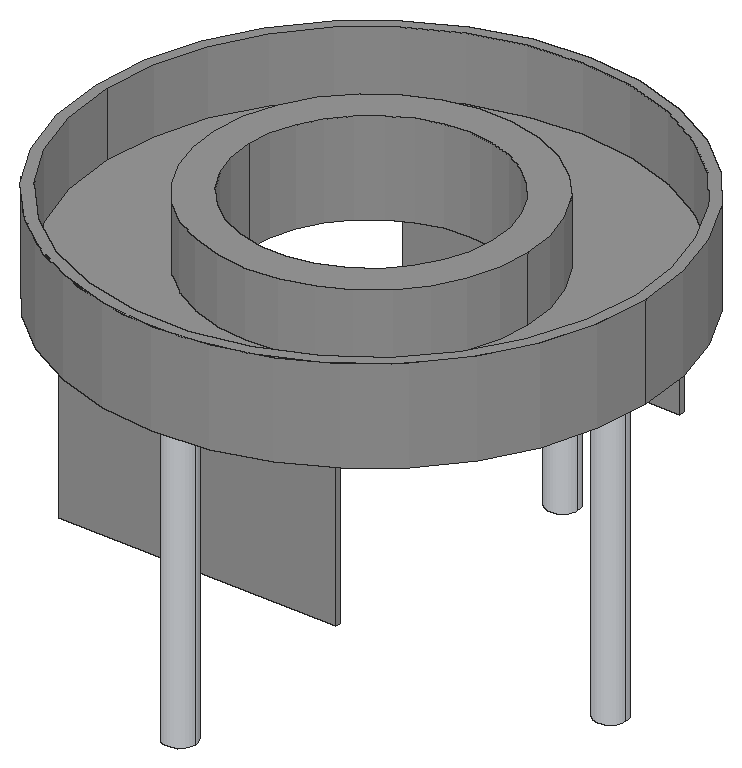
Revit family "Nivellierbare Kassette für Tubus, RKFR, 20-25, 4", category Generic Models, Revit 2015
Parameters (values of type "RKFR2 4 V25")
  URL = "http://www.obo-bettermann.com"
  Material = Stainless Steel
  Manufacturer Art.No. = "7409424"
  Manufacturer = "OBO Bettermann"
  HeightCalc = if(Height < 110 mm, 110 mm, (if(Height > 155 mm, 155 mm, Height)))  # 150 mm
  Height 1 = 36.5 mm
  Height = 150 mm
  GTIN = "4012195869467"
  Diameter 1 = 206 mm
  Diameter = 214 mm
  Cut depth = 25 mm
  Article Type = "RKFR2 4 V25"
Types (3, lengths in mm): name | Material | Manufacturer Art.No. | GTIN | Cut depth | Article Type
  (no name) | Stainless Steel | "7409424" | "4012195869467" | 25 | "RKFR2 4 V25"
  RKFR2 4 V20 | Stainless Steel, Polished | "7409422" | "4012195869450" | 20 | "RKFR2 4 V20"
  RKFR2 4 V25 | Stainless Steel | "7409424" | "4012195869467" | 25 | "RKFR2 4 V25"
Reference planes
  plane 1 "Center (Front/Back)": y = 0
  plane 2: z = 0
  plane 3 "Center (Left/Right)": x = 0
  plane 4: z = 113.5
  plane 5: y = 99.5
  plane 6: y = -99.5
  plane 7: z = 150
  plane 8: z = 54.7
  plane 9: z = 125
Forms (mm)
  Extrusion 1, solid
    sketch origin (0, 0, 0) x (1, 0, 0) y (0, 1, 0)
      loop
        circle (0, 93.25) r 6
      loop
        circle (0, -93.25) r 6
      loop
        circle (-93.25, 0) r 6
      loop
        circle (93.25, 0) r 6
    from 0 to 113.5
  Extrusion 2, solid, material "Stainless Steel" <- "Material"
    sketch origin (0, 0, 0) x (1, 0, 0) y (0, 1, 0)
      loop
        line (-54, 85) -> (-54, 83) -> (54, 83) -> (54, 85) -> (-54, 85)
      loop
        line (-54, -83) -> (-54, -85) -> (54, -85) -> (54, -83) -> (-54, -83)
    from 54.7 to 113.5
  Extrusion 3, solid, material "Stainless Steel" <- "Material"
    sketch origin (0, 0, 0) x (1, 0, 0) y (0, 1, 0)
      loop
        circle (0, 0) r 107
    from 113.5 to 150
  Extrusion 4, void
    sketch origin (0, 0, 0) x (1, 0, 0) y (0, 1, 0)
      loop
        circle (0, 0) r 103
      loop
        circle (0, 0) r 61
    from 125 to 150
  Extrusion 5, void
    sketch origin (0, 0, 0) x (1, 0, 0) y (0, 1, 0)
      loop
        circle (0, 0) r 47.77
    from 113.5 to 150
Cuts and joins
  Extrusion 4 cuts Extrusion 1
  Extrusion 4 cuts Extrusion 2
  Extrusion 4, Extrusion 5 cuts Extrusion 3
Dimensions and locks
  "HeightCalc": plane 7 to level
  "Height 1": plane 7 to plane 4
  locked: Extrusion 2 sketch curve to Extrusion 2 sketch curve at 108  (x2)
  locked: Extrusion 2 sketch curve to Extrusion 2 sketch curve at 2  (x2)
  locked: plane 4 to plane 8 at 58.8
  "Cut depth": plane 7 to plane 9
  locked: plane 5 to plane 6 at 199
  equal spacing: plane 5, plane 1 "Center (Front/Back)", plane 6, locked at 99.5 each
  locked: plane 1 "Center (Front/Back)" to Extrusion 1 sketch curve at 93.25
  locked: Extrusion 1 sketch curve to plane 1 "Center (Front/Back)" at 93.25
  locked: Extrusion 1 sketch curve to plane 3 "Center (Left/Right)" at 93.25
  locked: plane 3 "Center (Left/Right)" to Extrusion 1 sketch curve at 93.25
  equal spacing: Extrusion 2 sketch curve, plane 3 "Center (Left/Right)", Extrusion 2 sketch curve, locked at 54 each  (x2)
  locked: Extrusion 2 sketch curve to Extrusion 2 sketch curve at 166
  equal spacing: Extrusion 2 sketch curve, plane 1 "Center (Front/Back)", Extrusion 2 sketch curve, locked at 83 each
  diameter of Extrusion 1 sketch curve = 12 mm  (x4)
  "Diameter": diameter of Extrusion 3 sketch curve
  "Diameter 1": diameter of Extrusion 4 sketch curve
  aligned and locked: level to plane 2
  aligned and locked: plane 4 to Extrusion 1
  aligned and locked: Extrusion 1 to Extrusion 2
  aligned and locked: Extrusion 2 to plane 8
  aligned and locked: Extrusion 3 to Extrusion 1
  aligned and locked: plane 7 to Extrusion 3
  aligned and locked: cut or joined group of Extrusion 3, Extrusion 4, Extrusion 5 to Extrusion 4
  aligned and locked: Extrusion 4 to plane 9
  aligned and locked: Extrusion 3 to Extrusion 5  (x2)
Automatic sketch dimensions
  Extrusion 1 sketch curve to plane 3 "Center (Left/Right)" = 0 mm  (x2)
  plane 1 "Center (Front/Back)" to Extrusion 1 sketch curve = 0 mm  (x2)
  plane 1 "Center (Front/Back)" to Extrusion 3 sketch curve = 0 mm
  Extrusion 3 sketch curve to plane 3 "Center (Left/Right)" = 0 mm
  Extrusion 4 sketch curve to Extrusion 4 sketch curve = 0 mm  (x2)
  plane 1 "Center (Front/Back)" to Extrusion 4 sketch curve = 0 mm
  Extrusion 4 sketch curve to plane 3 "Center (Left/Right)" = 0 mm
  plane 1 "Center (Front/Back)" to Extrusion 5 sketch curve = 0 mm
  Extrusion 5 sketch curve to plane 3 "Center (Left/Right)" = 0 mm
  radius of Extrusion 4 sketch curve = 61 mm
  radius of Extrusion 5 sketch curve = 47.77 mm
